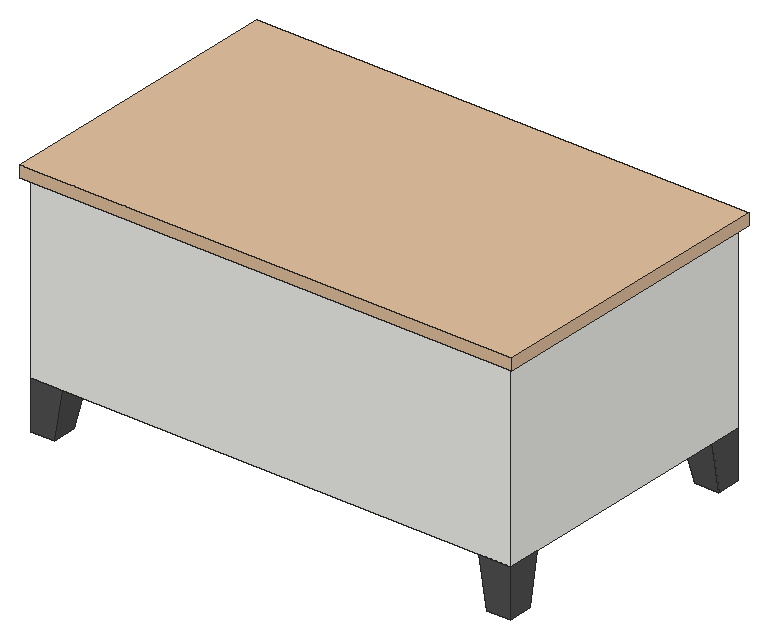
Revit family
Parameters (values of type "1525 x 762mm")
  깊이 = 900.00 mm
  본체 재료 = 래미네이티드 플라스틱 - 아이보리색, 무광
  핸들/다리 재료 = 금속 - 크롬
  상단 재료 = 목재 - 벚나무
  높이 = 762.00 mm
  다리 높이 = 152.00 mm
  폭 = 1525.00 mm
Types (2, lengths in mm): name | 깊이 | 폭
  1525 x 762mm | 900.00 | 1525.00
  1830 x 915mm | 915.00 | 1830.00
Reference planes
  plane 1: y = 0
  plane 2: z = 0
  plane 3: x = 0
  plane 4: z = 723.9
  plane 5: z = 152
  plane 6: z = 762
  plane 7 "오른쪽": x = 1525
  plane 8 "앞면": y = 900
  plane 9: x = 762.5
  plane 10: y = 450
  plane 11: y = 912.7
  plane 12: x = 1321.8
  plane 13: x = 203.2
  plane 14: z = 304.8
  plane 15: z = 425.45
  plane 16: z = 546.1
  plane 17: z = 666.75
  plane 18: z = 546.1
  plane 19: z = 666.75
Forms (mm)
  Extrusion 1, solid, material "래미네이티드 플라스틱 - 아이보리색, 무광" <- "본체 재료"
    sketch origin (0, 0, 0) x (1, 0, 0) y (0, 1, 0)
      loop
        line (0, 900) -> (0, 0) -> (1525, 0) -> (1525, 900) -> (1118.6, 900) -> (1118.6, 50.8) -> (406.4, 50.8) -> (406.4, 900) -> (0, 900)
    from 152 to 723.9
  Extrusion 2, solid, material "목재 - 벚나무" <- "상단 재료"
    sketch origin (0, 0, 0) x (1, 0, 0) y (0, 1, 0)
      loop
        line (-19.05, 919.05) -> (-19.05, -19.05) -> (1544.05, -19.05) -> (1544.05, 919.05) -> (-19.05, 919.05)
    from 723.9 to 762
  Blend 3, solid, material "금속 - 크롬" <- "핸들/다리 재료"
    base sketch origin (0, 0, 0) x (1, 0, 0) y (0, 1, 0)
      loop
        line (0, 900) -> (0, 823.8) -> (76.2, 823.8) -> (76.2, 900) -> (0, 900)
    top sketch origin (0, 0, 0) x (1, 0, 0) y (0, 1, 0)
      loop
        line (0, 900) -> (0, 798.4) -> (101.6, 798.4) -> (101.6, 900) -> (0, 900)
    from 0 to 152
  Blend 4, solid, material "금속 - 크롬" <- "핸들/다리 재료"
    base sketch origin (0, 0, 0) x (1, 0, 0) y (0, 1, 0)
      loop
        line (0, 0) -> (76.2, 0) -> (76.2, 76.2) -> (0, 76.2) -> (0, 0)
    top sketch origin (0, 0, 0) x (1, 0, 0) y (0, 1, 0)
      loop
        line (0, 0) -> (101.6, 0) -> (101.6, 101.6) -> (0, 101.6) -> (0, 0)
    from 0 to 152
  Blend 5, solid, material "금속 - 크롬" <- "핸들/다리 재료"
    base sketch origin (0, 0, 0) x (1, 0, 0) y (0, 1, 0)
      loop
        line (1525, 0) -> (1525, 76.2) -> (1448.8, 76.2) -> (1448.8, 0) -> (1525, 0)
    top sketch origin (0, 0, 0) x (1, 0, 0) y (0, 1, 0)
      loop
        line (1525, 0) -> (1525, 101.6) -> (1423.4, 101.6) -> (1423.4, 0) -> (1525, 0)
    from 0 to 152
  Blend 6, solid, material "금속 - 크롬" <- "핸들/다리 재료"
    base sketch origin (0, 0, 0) x (1, 0, 0) y (0, 1, 0)
      loop
        line (1525, 900) -> (1448.8, 900) -> (1448.8, 823.8) -> (1525, 823.8) -> (1525, 900)
    top sketch origin (0, 0, 0) x (1, 0, 0) y (0, 1, 0)
      loop
        line (1525, 900) -> (1423.4, 900) -> (1423.4, 798.4) -> (1525, 798.4) -> (1525, 900)
    from 0 to 152
  Extrusion 7, solid, material "래미네이티드 플라스틱 - 아이보리색, 무광" <- "본체 재료"
    sketch origin (0, 900, 0) x (1, 0, 0) y (0, 0, 1)
      loop
        line (19.05, 704.85) -> (19.05, 602.85) -> (387.35, 602.85) -> (387.35, 704.85) -> (19.05, 704.85)
      loop
        line (19.05, 171.05) -> (387.35, 171.05) -> (387.35, 342.5) -> (19.05, 342.5) -> (19.05, 171.05)
      loop
        line (387.35, 583.8) -> (19.05, 583.8) -> (19.05, 482.2) -> (387.35, 482.2) -> (387.35, 583.8)
      loop
        line (387.35, 463.15) -> (19.05, 463.15) -> (19.05, 361.55) -> (387.35, 361.55) -> (387.35, 463.15)
    from -12.7 to 0
  Extrusion 8, solid, material "래미네이티드 플라스틱 - 아이보리색, 무광" <- "본체 재료"
    sketch origin (1828.8, 914.4, 0) x (-1, 0, 0) y (0, 0, -1)
      loop
        line (322.85, -704.85) -> (691.15, -704.85) -> (691.15, -603.25) -> (322.85, -603.25) -> (322.85, -704.85)
      loop
        line (322.85, -171.05) -> (322.85, -584.2) -> (691.15, -584.2) -> (691.15, -171.05) -> (322.85, -171.05)
    from 1.7 to 14.4
  Sweep 9, solid, material "금속 - 크롬" <- "핸들/다리 재료"
    path origin (0, 0, 0) x (1, 0, 0) y (0, 1, 0)
      loop
        line (152.4, 912.7) -> (152.4, 938.1) -> (254, 938.1) -> (254, 912.7)
    profile origin (0, 925.4, 0) x (-1, 0, 0) y (0, 0, 1)
      loop
        line (-152.4, 304.8) -> (-158.75, 304.8) -> (-158.75, 292.1) -> (-152.4, 292.1) -> (-152.4, 304.8)
      loop
        line (-152.4, 425.45) -> (-158.75, 425.45) -> (-158.75, 412.75) -> (-152.4, 412.75) -> (-152.4, 425.45)
      loop
        line (-152.4, 546.1) -> (-158.75, 546.1) -> (-158.75, 533.4) -> (-152.4, 533.4) -> (-152.4, 546.1)
      loop
        line (-152.4, 666.75) -> (-158.75, 666.75) -> (-158.75, 654.05) -> (-152.4, 654.05) -> (-152.4, 666.75)
  Sweep 10, solid, material "금속 - 크롬" <- "핸들/다리 재료"
    path origin (0, 0, 0) x (1, 0, 0) y (0, 1, 0)
      loop
        line (1372.6, 912.7) -> (1372.6, 938.1) -> (1271, 938.1) -> (1271, 912.7)
    profile origin (0, 925.4, 0) x (-1, 0, 0) y (0, 0, 1)
      loop
        line (-1372.6, 546.1) -> (-1372.6, 533.4) -> (-1366.25, 533.4) -> (-1366.25, 546.1) -> (-1372.6, 546.1)
      loop
        line (-1372.6, 666.75) -> (-1372.6, 654.05) -> (-1366.25, 654.05) -> (-1366.25, 666.75) -> (-1372.6, 666.75)
Lines and regions (mm)
  Masking region 1
    outline origin (0, 0, 0) x (1, 0, 0) y (0, 1, 0)
      loop
        line (0, 900) -> (0, 0) -> (1525, 0) -> (1525, 900) -> (0, 900)
Dimensions and locks
  "폭": plane 7 "오른쪽" to plane 3
  "깊이": plane 1 to plane 8 "앞면"
  "높이": plane 2 to plane 6
  plane 5 to plane 2 = 152.00 mm
  plane 4 to plane 6 = 38.10 mm
  equal spacing: plane 3, plane 9, plane 7 "오른쪽"
  equal spacing: plane 1, plane 10, plane 8 "앞면"
  locked: plane 4 to plane 6 at 38.1
  plane 3 to Extrusion 1 sketch curve = 406.40 mm
  Extrusion 1 sketch curve to plane 7 "오른쪽" = 406.40 mm
  "다리 높이": plane 5 to plane 2
  Extrusion 1 to Extrusion 7 sketch curve = 19.05 mm
  plane 3 to Extrusion 7 sketch curve = 19.05 mm
  plane 5 to Extrusion 7 sketch curve = 19.05 mm
  Extrusion 7 sketch curve to plane 4 = 19.05 mm
  locked: plane 11 to plane 8 "앞면" at 12.7
  plane 12 to plane 7 "오른쪽" = 203.20 mm
  plane 3 to plane 13 = 203.20 mm
  locked: plane 19 to plane 6 at 95.25
  locked: plane 18 to plane 6 at 215.9
  locked: plane 17 to plane 6 at 95.25
  locked: plane 16 to plane 6 at 215.9
  locked: plane 15 to plane 6 at 336.55
  locked: plane 14 to plane 6 at 457.2
  locked: Extrusion 8 sketch curve to Extrusion 8 sketch curve at 101.6
  locked: Extrusion 7 sketch curve to Extrusion 7 sketch curve at 102
  locked: Extrusion 7 sketch curve to Extrusion 7 sketch curve at 101.6  (x2)
  aligned and locked: Extrusion 1 to plane 4
  aligned and locked: plane 4 to Extrusion 2
  aligned and locked: Extrusion 2 to plane 6
  aligned and locked: Extrusion 1 sketch curve to plane 3
  aligned and locked: Extrusion 1 sketch curve to plane 1
  aligned and locked: plane 5 to Extrusion 1
  aligned and locked: Blend 4 to plane 5
  aligned and locked: Blend 5 to plane 5
  aligned and locked: Blend 3 to plane 5
  aligned and locked: Blend 6 to plane 5
  aligned and locked: plane 11 to Extrusion 7
  aligned and locked: plane 8 "앞면" to Extrusion 1 sketch curve
  aligned and locked: Extrusion 1 sketch curve to plane 8 "앞면"
  aligned and locked: plane 11 to Extrusion 8
  aligned and locked: Extrusion 8 to Extrusion 1
  aligned and locked: plane 8 "앞면" to Masking region 1 sketch curve
  aligned and locked: plane 3 to Masking region 1 sketch curve
  aligned and locked: Masking region 1 sketch curve to plane 1
  aligned and locked: Masking region 1 sketch curve to plane 7 "오른쪽"
Automatic sketch dimensions
  Blend 3 sketch curve to plane 8 "앞면" = 0.00 mm  (x2)
  plane 3 to Blend 3 sketch curve = 76.20 mm
  plane 8 "앞면" to Blend 3 sketch curve = 76.20 mm
  Blend 3 sketch curve to plane 3 = 0.00 mm  (x2)
  plane 3 to Blend 3 sketch curve = 101.60 mm
  plane 8 "앞면" to Blend 3 sketch curve = 101.60 mm
  Blend 4 sketch curve to plane 3 = 0.00 mm  (x2)
  Blend 4 sketch curve to Blend 4 sketch curve = 76.20 mm  (x2)
  Blend 4 sketch curve to plane 1 = 0.00 mm  (x2)
  Blend 4 sketch curve to Blend 4 sketch curve = 101.60 mm  (x2)
  Blend 5 sketch curve to plane 7 "오른쪽" = 0.00 mm  (x2)
  Blend 5 sketch curve to Blend 5 sketch curve = 76.20 mm
  Blend 5 sketch curve to plane 1 = 76.20 mm
  Blend 5 sketch curve to Blend 5 sketch curve = 101.60 mm
  Blend 5 sketch curve to plane 1 = 101.60 mm
  Blend 6 sketch curve to plane 7 "오른쪽" = 0.00 mm  (x2)
  Blend 6 sketch curve to Blend 6 sketch curve = 76.20 mm
  plane 8 "앞면" to Blend 6 sketch curve = 76.20 mm
  Blend 6 sketch curve to Blend 6 sketch curve = 101.60 mm
  plane 8 "앞면" to Blend 6 sketch curve = 101.60 mm
  Blend 5 sketch curve to plane 1 = 0.00 mm  (x2)
  Blend 6 sketch curve to plane 8 "앞면" = 0.00 mm  (x2)
  plane 1 to Extrusion 2 sketch curve = 19.05 mm
  Extrusion 2 sketch curve to plane 8 "앞면" = 19.05 mm
  plane 7 "오른쪽" to Extrusion 2 sketch curve = 19.05 mm
  Extrusion 2 sketch curve to plane 3 = 19.05 mm
  Extrusion 7 sketch curve to Extrusion 7 sketch curve = 19.05 mm  (x3)
  plane 3 to Extrusion 7 sketch curve = 19.05 mm  (x3)
  Extrusion 7 sketch curve to Extrusion 7 sketch curve = 0.00 mm  (x3)
  plane 4 to Extrusion 8 sketch curve = 19.05 mm
  Extrusion 8 sketch curve to plane 7 "오른쪽" = 19.05 mm  (x2)
  Extrusion 8 sketch curve to plane 5 = 19.05 mm
  Extrusion 8 sketch curve to Extrusion 8 sketch curve = 368.30 mm
  Extrusion 8 sketch curve to Extrusion 8 sketch curve = 0.00 mm
  Extrusion 8 sketch curve to Extrusion 8 sketch curve = 19.05 mm
  Extrusion 1 sketch curve to plane 1 = 50.80 mm
  Sweep 9 sketch curve to plane 11 = 0.00 mm  (x2)
  Sweep 9 sketch curve to plane 13 = 50.80 mm
  plane 13 to Sweep 9 sketch curve = 50.80 mm
  Sweep 9 sketch curve to Sweep 9 sketch curve = 25.40 mm
  Sweep 9 sketch curve to plane 14 = 0.00 mm
  Sweep 9 sketch curve to plane 17 = 0.00 mm
  Sweep 9 sketch curve to plane 15 = 0.00 mm
  Sweep 9 sketch curve to plane 16 = 0.00 mm
  Sweep 9 sketch curve to profile plane = 0.00 mm  (x4)
  profile plane to Sweep 9 sketch curve = 6.35 mm  (x4)
  plane 14 to Sweep 9 sketch curve = 12.70 mm
  plane 15 to Sweep 9 sketch curve = 12.70 mm
  plane 16 to Sweep 9 sketch curve = 12.70 mm
  plane 17 to Sweep 9 sketch curve = 12.70 mm
  Sweep 10 sketch curve to plane 11 = 0.00 mm  (x2)
  plane 11 to Sweep 10 sketch curve = 25.40 mm
  plane 12 to Sweep 10 sketch curve = 50.80 mm
  Sweep 10 sketch curve to Sweep 10 sketch curve = 101.60 mm
  Sweep 10 sketch curve to profile plane = 0.00 mm  (x2)
  Sweep 10 sketch curve to plane 19 = 0.00 mm
  Sweep 10 sketch curve to plane 18 = 0.00 mm
  Sweep 10 sketch curve to profile plane = 6.35 mm  (x2)
  plane 18 to Sweep 10 sketch curve = 12.70 mm
  Sweep 10 sketch curve to Sweep 10 sketch curve = 12.70 mm
  Extrusion 1 sketch curve to plane 7 "오른쪽" = 0.00 mm
